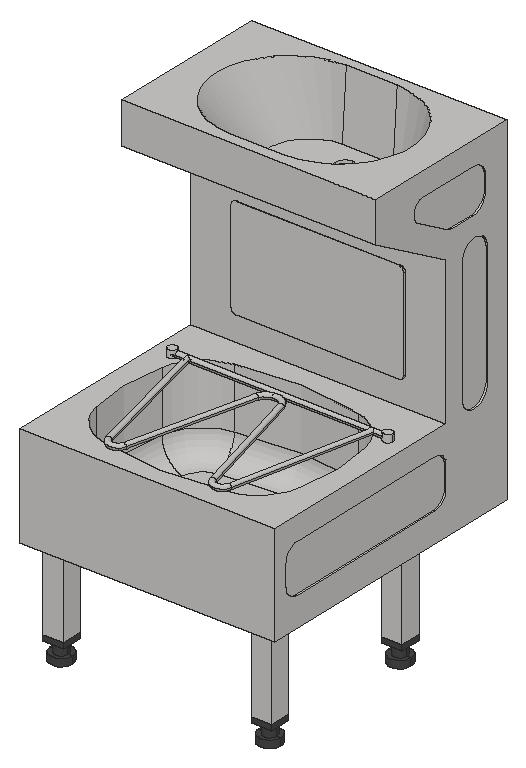
Revit family "PRD_FrankeWS_JntrlUnits_SiriusCleanerSink_SIRX832", category Plumbing Fixtures, Revit 2018
Family settings
  Round Connector Dimension = Use Diameter
  Part Type = Normal
  OmniClass Number = 23.45.05.14
  OmniClass Title = Plumbing Fixtures - Sanitary Washing Units
  Work Plane-Based = No
  Always vertical = Yes
  Cut with Voids When Loaded = No
  Shared = No
  Room Calculation Point = No
Parameters (values of type "SIRX832")
  WaterSupplyOverflowAndWasteHolesWaterSupply = 32 mm
  WaterSupplyOverflowAndWasteHolesWaste = "Center-Back"
  WaterSupplyOverflowAndWasteHolesOverflow = "No"
  WasteSize Top = 1 1/4"
  WasteSize = 1 1/2"
  WarrantyStartDate [instance] = "1900-12-31T23:59:59"
  WarrantyGuarantorParts = "n/a"
  WarrantyGuarantorLabor = "n/a"
  WarrantyDurationUnit = "year"
  WarrantyDurationParts = "n/a"
  WarrantyDurationLabor = "n/a"
  WarrantyDescription = "n/a"
  Version = "1"
  Uniclass2015Version = "Products v1.7"
  Uniclass2015Title = "Janitorial sinks"
  Uniclass2015Code = "Pr_40_20_96_44"
  URL = "www.kwc.com"
  TagNumber [instance] = "n/a"
  SustainabilityPerformance = "n/a"
  Size = "500 x 880 x 570 mm"
  SinkType = "Other"
  SinkMounting = "Pedestal"
  Shape = "n/a"
  SerialNumber [instance] = "n/a"
  Revision = "n/a"
  ReplacementCost = "n/a"
  ProductInformation = "https://pim.kwc.com/product/2000071907/attachment/datasheet?locale=en"
  Options = "n/a"
  NominalWidth = 500 mm
  NominalLength = 570 mm
  NominalHeight = 880 mm
  NominalDepth = 880 mm
  NetWeight = 18.20 kg
  Name = "SIRIUS Cleaner sink SIRX832"
  NBSTypeID = "n/a"
  NBSReference = "45-35-70/401"
  NBSOfficeMasterTag = "n/a"
  NBSNote = "n/a"
  NBSDescription = "Janitorial units"
  NBSCertification = "n/a"
  ModelReference = "SIRX832"
  ModelNumber = "2000071907"
  Model = ModelReference  # "SIRX832"
  Stainless Steel = PRD_AR_StainlessSteel_SatinFinished
  Material = "Stainless steel"
  ManufacturerURL = "www.kwc.com"
  ManufacturerName = "KWC Group AG"  # constant formula
  Manufacturer = ManufacturerName  # "KWC Group AG"
  LegsMaterial = PRD_AR_SyntheticBlack
  IntegralAccessories = "n/a"
  InstallationDate [instance] = "1900-12-31T23:59:59"
  IfcExportType = "SINK"
  IfcExportAs = "IfcSanitaryTerminalType"
  GrossWeight = 18.72 kg
  Grade = "n/a"
  Form = "Cleaner sink wash basin combination"
  FinishAndMaterial = "Stainless steel"
  Finish = "Satin finished"
  Features = "stainless steel, 1.20 mm, satin finished, wall mounting, 500x880x570 mm (WxHxD)"
  ExpectedLife = "n/a"
  DurationUnit = "year"
  DrainSize = 1 1/2"
  Description = "Cleaner sink wash basin combination, free standing or for wall mounting, stainless steel, surface satin finished, material thickness 1.2 mm, seamless welded bowl with diameter 360 x 272 x 135 mm, without overflow, 1 1/4\" flat perforated waste, inclusive tap hole top right, sink with diameter 420 x 350 x 180 mm and revolving channel, 1 1/2\" domed waste, drainage centric, inclusive stainless steel folding grid with rubber bumps, removable inspection cover, feet height adjustable."
  Constituents = "n/a"
  Color = "Stainless steel"
  CodePerformance = "n/a"
  Category = "Pr_40_20_96_44, Janitorial sinks"
  BarCode [instance] = "n/a"
  BIMObjectName = "PRD_AR_JanitorialUnits_SiriusCleanerSink_SIRX832"
  Author = "Archispace"  # constant formula
  AssetType = "Fixed"
  AssetIdentifier [instance] = "n/a"
  AccessibilityPerformance = "n/a"
Reference planes
  plane 1 "Center (Front/Back)": y = 0
  plane 2: z = 0
  plane 3 "Center (Left/Right)": x = 0
  plane 4: x = -250
  plane 5: x = 250
  plane 6: z = 880
  plane 7: z = 800
  plane 8: z = 700
  plane 9: z = 410
  plane 10: z = 210
  plane 11: y = -150
  plane 12: y = -320
  plane 13: y = -570
  plane 14: x = -205
  plane 15: x = 205
  plane 16: y = -525
  plane 17: y = -205
  plane 18: z = 35
  plane 19: z = 45
  plane 20: z = 425.991
Forms (mm)
  Extrusion 1, solid, material "PRD_AR_StainlessSteel_SatinFinished" <- "Stainless Steel", detail levels fine
    sketch origin (0, 0, 0) x (0, 1, 0) y (0, 0, 1)
      loop
        line (0, 880) -> (-320, 880) -> (-320, 800) -> (-150, 700) -> (-150, 410) -> (-570, 410) -> (-570, 210) -> (0, 210) -> (0, 880)
    from -250 to 250
  Extrusion 2, solid, material "PRD_AR_StainlessSteel_SatinFinished" <- "Stainless Steel", detail levels fine
    sketch origin (0, 0, 0) x (1, 0, 0) y (0, 1, 0)
      loop
        line (-225, -505) -> (-225, -545) -> (-185, -545) -> (-185, -505) -> (-225, -505)
      loop
        line (185, -505) -> (185, -545) -> (225, -545) -> (225, -505) -> (185, -505)
      loop
        line (-225, -185) -> (-225, -225) -> (-185, -225) -> (-185, -185) -> (-225, -185)
      loop
        line (185, -185) -> (185, -225) -> (225, -225) -> (225, -185) -> (185, -185)
    from 45 to 210
  Extrusion 3, solid, material "PRD_AR_SyntheticBlack" <- "LegsMaterial", detail levels fine
    sketch origin (0, 0, 0) x (1, 0, 0) y (0, 1, 0)
      loop
        line (-225, -505) -> (-225, -545) -> (-185, -545) -> (-185, -505) -> (-225, -505)
      loop
        line (185, -505) -> (185, -545) -> (225, -545) -> (225, -505) -> (185, -505)
      loop
        line (-225, -185) -> (-225, -225) -> (-185, -225) -> (-185, -185) -> (-225, -185)
      loop
        line (185, -185) -> (185, -225) -> (225, -225) -> (225, -185) -> (185, -185)
    from 35 to 45
  Revolve 4, solid, material "PRD_AR_SyntheticBlack" <- "LegsMaterial", detail levels fine
    sketch origin (410, -525, -72.324) x (0, 0, -1) y (-1, 0, 0)
      loop
        line (-107.324, 218) -> (-107.324, 205) -> (-72.324, 205) -> (-72.324, 227) -> (-86.324, 227) -> (-86.324, 218) -> (-107.324, 218)
      axis (-107.324, 205) -> (-72.324, 205)
    angle from 0 to 360
  Blend 5, void, detail levels medium+fine
    base sketch origin (-731.203, -1524, 700) x (-1, 0, 0) y (0, -1, 0)
      loop
        arc (-781.203, -1334) -> (-861.203, -1414) -> (-781.203, -1494) r 80
        line (-781.203, -1494) -> (-681.203, -1494)
        arc (-681.203, -1494) -> (-601.203, -1414) -> (-681.203, -1334) r 80
        line (-681.203, -1334) -> (-781.203, -1334)
    top sketch origin (-731.203, -1524, 880) x (-1, 0, 0) y (0, -1, 0)
      loop
        arc (-781.203, -1224) -> (-921.203, -1364) -> (-781.203, -1504) r 140
        line (-781.203, -1504) -> (-681.203, -1504)
        arc (-681.203, -1504) -> (-541.203, -1364) -> (-681.203, -1224) r 140
        line (-681.203, -1224) -> (-781.203, -1224)
    from 45.585 to 0
  Extrusion 6, void
    sketch origin (0, 0, 0) x (1, 0, 0) y (0, 1, 0)
      loop
        circle (-0.1, -82.3) r 20.876
    from 741.116 to 745.585
  Extrusion 7, void, detail levels medium+fine
    sketch origin (0, 0, 0) x (1, 0, 0) y (0, 1, 0)
      loop
        arc (-201.317, -283.664) -> (-209.599, -365) -> (-201.317, -446.336) r 403.497
        arc (-201.317, -446.336) -> (-173.554, -497.488) -> (-122.064, -524.618) r 100.321
        arc (-122.064, -524.618) -> (0, -536.288) -> (122.064, -524.618) r 644.181
        arc (122.064, -524.618) -> (173.554, -497.488) -> (201.317, -446.336) r 100.321
        arc (201.317, -446.336) -> (209.599, -365) -> (201.317, -283.664) r 403.497
        arc (201.317, -283.664) -> (173.554, -232.512) -> (122.064, -205.382) r 100.321
        arc (122.064, -205.382) -> (0, -193.712) -> (-122.064, -205.382) r 644.181
        arc (-122.064, -205.382) -> (-173.554, -232.512) -> (-201.317, -283.664) r 100.321
    from 240.778 to 410
  Extrusion 8, void
    sketch origin (0, 0, 0) x (1, 0, 0) y (0, 1, 0)
      loop
        circle (1.949, -417.185) r 49.176
    from 228.8 to 240.778
  Extrusion 9, void
    sketch origin (0, 0, 0) x (1, 0, 0) y (0, 1, 0)
      loop
        circle (1.949, -417.185) r 24.5
    from 210 to 228.8
  Revolve 10, solid, material "PRD_AR_SyntheticBlack" <- "LegsMaterial", detail levels fine
    sketch origin (0, -525, -72.324) x (0, 0, -1) y (-1, 0, 0)
      loop
        line (-107.324, 218) -> (-107.324, 205) -> (-72.324, 205) -> (-72.324, 227) -> (-86.324, 227) -> (-86.324, 218) -> (-107.324, 218)
      axis (-107.324, 205) -> (-72.324, 205)
    angle from 0 to 360
  Revolve 11, solid, material "PRD_AR_SyntheticBlack" <- "LegsMaterial", detail levels fine
    sketch origin (410, -205, -72.324) x (0, 0, -1) y (-1, 0, 0)
      loop
        line (-107.324, 218) -> (-107.324, 205) -> (-72.324, 205) -> (-72.324, 227) -> (-86.324, 227) -> (-86.324, 218) -> (-107.324, 218)
      axis (-107.324, 205) -> (-72.324, 205)
    angle from 0 to 360
  Revolve 12, solid, material "PRD_AR_SyntheticBlack" <- "LegsMaterial", detail levels fine
    sketch origin (0, -205, -72.324) x (0, 0, -1) y (-1, 0, 0)
      loop
        line (-107.324, 218) -> (-107.324, 205) -> (-72.324, 205) -> (-72.324, 227) -> (-86.324, 227) -> (-86.324, 218) -> (-107.324, 218)
      axis (-107.324, 205) -> (-72.324, 205)
    angle from 0 to 360
  Extrusion 13, solid, material "PRD_AR_StainlessSteel_SatinFinished" <- "Stainless Steel", detail levels fine
    sketch origin (0, 0, 0) x (1, 0, 0) y (0, 1, 0)
      loop
        circle (211.45, -243) r 9
      loop
        circle (-212.35, -243) r 9
    from 410 to 422.752
  Sweep 14, solid, material "PRD_AR_StainlessSteel_SatinFinished" <- "Stainless Steel", detail levels fine
    path origin (-731.203, -1524, 410) x (-1, 0, 0) y (0, -1, 0)
      loop
        line (-942.653, -1281) -> (-518.853, -1281)
    profile origin (-0.45, -243, 410) x (0, -1, 0) y (0, 0, 1)
      loop
        circle (0, 5.035) r 5
  Sweep 15, solid, material "PRD_AR_StainlessSteel_SatinFinished" <- "Stainless Steel", detail levels fine
    path origin (-731.203, -1524, 410) x (-1, 0, 0) y (0, -1, 0)
      loop
        line (-912.782, -1280.744) -> (-849.485, -1006.578)
        arc (-849.485, -1006.578) -> (-834.088, -994.179) -> (-818.396, -1006.205) r 16
        line (-818.396, -1006.205) -> (-755.42, -1251.928)
        arc (-755.42, -1251.928) -> (-731.203, -1270.721) -> (-706.986, -1251.928) r 25
        line (-706.986, -1251.928) -> (-644.009, -1006.205)
        arc (-644.009, -1006.205) -> (-628.318, -994.179) -> (-612.92, -1006.578) r 16
        line (-612.92, -1006.578) -> (-549.624, -1280.744)
    profile origin (-55.705, -394.934, 410) x (0.968692, -0.248266, 0) y (0, 0, 1)
      loop
        circle (0, 5.035) r 5
  Extrusion 16, void
    sketch origin (0, 0, 0) x (0, 1, 0) y (0, 0, 1)
      loop
        line (-216.9, 791.561) -> (-147.823, 750.927)
        arc (-147.823, 750.927) -> (-140.494, 747.84) -> (-132.612, 746.785) r 30
        line (-132.612, 746.785) -> (-79.606, 746.785)
        arc (-79.606, 746.785) -> (-58.393, 755.572) -> (-49.606, 776.785) r 30
        line (-49.606, 776.785) -> (-49.606, 804.385)
        arc (-49.606, 804.385) -> (-58.393, 825.599) -> (-79.606, 834.385) r 30
        line (-79.606, 834.385) -> (-205.238, 834.385)
        arc (-205.238, 834.385) -> (-227.43, 817.429) -> (-216.9, 791.561) r 23
      loop
        line (-177.66, 365) -> (-513.86, 365)
        arc (-513.86, 365) -> (-535.073, 356.213) -> (-543.86, 335) r 30
        line (-543.86, 335) -> (-543.86, 297.585)
        arc (-543.86, 297.585) -> (-535.073, 276.372) -> (-513.86, 267.585) r 30
        line (-513.86, 267.585) -> (-172.66, 267.585)
        arc (-172.66, 267.585) -> (-154.982, 274.908) -> (-147.66, 292.585) r 25
        line (-147.66, 292.585) -> (-147.66, 335)
        arc (-147.66, 335) -> (-156.447, 356.213) -> (-177.66, 365) r 30
      loop
        line (-110.2, 675.585) -> (-110.2, 437.545)
        arc (-110.2, 437.545) -> (-77.7, 405.045) -> (-45.2, 437.545) r 32.5
        line (-45.2, 437.545) -> (-45.2, 675.585)
        arc (-45.2, 675.585) -> (-77.7, 708.085) -> (-110.2, 675.585) r 32.5
    from 245 to 250
  Extrusion 17, void
    sketch origin (0, 0, 0) x (0, 1, 0) y (0, 0, -1)
      loop
        arc (-216.9, -791.561) -> (-227.43, -817.429) -> (-205.238, -834.385) r 23
        line (-205.238, -834.385) -> (-79.606, -834.385)
        arc (-79.606, -834.385) -> (-58.393, -825.599) -> (-49.606, -804.385) r 30
        line (-49.606, -804.385) -> (-49.606, -776.785)
        arc (-49.606, -776.785) -> (-58.393, -755.572) -> (-79.606, -746.785) r 30
        line (-79.606, -746.785) -> (-132.612, -746.785)
        arc (-132.612, -746.785) -> (-140.494, -747.84) -> (-147.823, -750.927) r 30
        line (-147.823, -750.927) -> (-216.9, -791.561)
      loop
        arc (-177.66, -365) -> (-156.447, -356.213) -> (-147.66, -335) r 30
        line (-147.66, -335) -> (-147.66, -292.585)
        arc (-147.66, -292.585) -> (-154.982, -274.908) -> (-172.66, -267.585) r 25
        line (-172.66, -267.585) -> (-513.86, -267.585)
        arc (-513.86, -267.585) -> (-535.073, -276.372) -> (-543.86, -297.585) r 30
        line (-543.86, -297.585) -> (-543.86, -335)
        arc (-543.86, -335) -> (-535.073, -356.213) -> (-513.86, -365) r 30
        line (-513.86, -365) -> (-177.66, -365)
      loop
        arc (-110.2, -675.585) -> (-77.7, -708.085) -> (-45.2, -675.585) r 32.5
        line (-45.2, -675.585) -> (-45.2, -437.545)
        arc (-45.2, -437.545) -> (-77.7, -405.045) -> (-110.2, -437.545) r 32.5
        line (-110.2, -437.545) -> (-110.2, -675.585)
    from 245 to 250
  Extrusion 18, solid, material "PRD_AR_StainlessSteel_SatinFinished" <- "Stainless Steel", detail levels fine
    sketch origin (0, -525, -72.324) x (0, 0, -1) y (-1, 0, 0)
      loop
        arc (-721.724, 169.5) -> (-728.796, 166.571) -> (-731.724, 159.5) r 10
        line (-731.724, 159.5) -> (-731.724, -160.5)
        arc (-731.724, -160.5) -> (-728.796, -167.571) -> (-721.724, -170.5) r 10
        line (-721.724, -170.5) -> (-541.724, -170.5)
        arc (-541.724, -170.5) -> (-534.653, -167.571) -> (-531.724, -160.5) r 10
        line (-531.724, -160.5) -> (-531.724, 159.5)
        arc (-531.724, 159.5) -> (-534.653, 166.571) -> (-541.724, 169.5) r 10
        line (-541.724, 169.5) -> (-721.724, 169.5)
    from 373 to 375
  Sweep 19, solid, material "PRD_AR_StainlessSteel_SatinFinished" <- "Stainless Steel", detail levels fine
    path origin (0, 0, 0) x (1, 0, 0) y (0, 1, 0)
      loop
        arc (122.064, -205.382) -> (0, -193.712) -> (-122.064, -205.382) r 644.181
        arc (-122.064, -205.382) -> (-173.554, -232.512) -> (-201.317, -283.664) r 100.321
        arc (-201.317, -283.664) -> (-209.599, -365) -> (-201.317, -446.336) r 403.497
        arc (-201.317, -446.336) -> (-173.554, -497.488) -> (-122.064, -524.618) r 100.321
        arc (-122.064, -524.618) -> (0, -536.288) -> (122.064, -524.618) r 644.181
        arc (122.064, -524.618) -> (173.554, -497.488) -> (201.317, -446.336) r 100.321
        arc (201.317, -446.336) -> (209.599, -365) -> (201.317, -283.664) r 403.497
        arc (201.317, -283.664) -> (173.554, -232.512) -> (122.064, -205.382) r 100.321
    profile origin (0, -193.712, 0) x (0, -1, 0) y (0, 0, 1)
      loop
        line (0, 240.778) -> (50, 240.778)
        arc (50, 240.778) -> (14.645, 255.422) -> (0, 290.778) r 50
        line (0, 290.778) -> (0, 240.778)
  Extrusion 20, solid, material "PRD_AR_StainlessSteel_SatinFinished" <- "Stainless Steel", detail levels coarse+medium
    sketch origin (0, 0, 0) x (1, 0, 0) y (0, 1, 0)
      loop
        line (-225, -185) -> (-225, -225) -> (-185, -225) -> (-185, -185) -> (-225, -185)
      loop
        line (185, -185) -> (185, -225) -> (225, -225) -> (225, -185) -> (185, -185)
      loop
        line (-225, -505) -> (-225, -545) -> (-185, -545) -> (-185, -505) -> (-225, -505)
      loop
        line (185, -505) -> (185, -545) -> (225, -545) -> (225, -505) -> (185, -505)
    from 0 to 210
  Extrusion 21, solid, material "PRD_AR_StainlessSteel_SatinFinished" <- "Stainless Steel", detail levels coarse
    sketch origin (0, 0, 0) x (0, 1, 0) y (0, 0, 1)
      loop
        line (0, 880) -> (-320, 880) -> (-320, 700) -> (-150, 700) -> (-150, 410) -> (-570, 410) -> (-570, 210) -> (0, 210) -> (0, 880)
    from -250 to 250
  Extrusion 22, solid, material "PRD_AR_StainlessSteel_SatinFinished" <- "Stainless Steel", detail levels medium
    sketch origin (0, 0, 0) x (0, 1, 0) y (0, 0, 1)
      loop
        line (0, 880) -> (-320, 880) -> (-320, 800) -> (-150, 700) -> (-150, 410) -> (-570, 410) -> (-570, 210) -> (0, 210) -> (0, 880)
    from -250 to 250
Cuts and joins
  Blend 5, Extrusion 6, Extrusion 7, Extrusion 8, Extrusion 9, Extrusion 16, Extrusion 17 cuts Extrusion 1
  joined: Extrusion 1, Sweep 19
  joined: Extrusion 3, Revolve 4, Revolve 10, Revolve 11, Revolve 12
  Blend 5, Extrusion 7 cuts Extrusion 22
Lines and regions (mm)
  model lines
    curve 1: circle (191, -260, 880) r 17.5 normal (0, 0, 1)
Dimensions and locks
  equal spacing: plane 5, plane 3 "Center (Left/Right)", plane 4
  plane 5 to plane 4 = 500 mm
  plane 6 to level = 880 mm
  plane 6 to plane 9 = 470 mm
  plane 9 to plane 10 = 200 mm
  plane 6 to plane 7 = 80 mm
  plane 7 to plane 8 = 100 mm
  plane 11 to plane 1 "Center (Front/Back)" = 150 mm
  plane 12 to plane 1 "Center (Front/Back)" = 320 mm
  plane 13 to plane 1 "Center (Front/Back)" = 570 mm
  plane 1 "Center (Front/Back)" to plane 13 = 570 mm
  plane 4 to plane 5 = 500 mm
  equal spacing: plane 15, plane 3 "Center (Left/Right)", plane 14
  plane 15 to plane 14 = 410 mm
  plane 16 to plane 13 = 45 mm
  plane 17 to plane 16 = 320 mm
  plane 18 to level = 35 mm
  plane 19 to plane 18 = 10 mm
  aligned and locked: level to plane 2
Automatic sketch dimensions
  Extrusion 1 sketch curve to plane 10 = 0 mm
  Extrusion 1 sketch curve to plane 13 = 0 mm
  Extrusion 1 sketch curve to plane 6 = 0 mm
  Extrusion 1 sketch curve to plane 12 = 0 mm
  Extrusion 1 sketch curve to plane 8 = 0 mm
  Extrusion 1 sketch curve to plane 11 = 0 mm
  Extrusion 1 sketch curve to plane 1 "Center (Front/Back)" = 0 mm
  Extrusion 1 sketch curve to plane 9 = 0 mm
  Extrusion 1 sketch curve to plane 7 = 0 mm
  Extrusion 2 sketch curve to plane 14 = 20 mm  (x2)
  plane 14 to Extrusion 2 sketch curve = 20 mm  (x2)
  Extrusion 2 sketch curve to plane 15 = 20 mm  (x2)
  plane 15 to Extrusion 2 sketch curve = 20 mm  (x2)
  Extrusion 2 sketch curve to plane 16 = 20 mm  (x2)
  plane 16 to Extrusion 2 sketch curve = 20 mm  (x2)
  plane 17 to Extrusion 2 sketch curve = 20 mm  (x2)
  Extrusion 2 sketch curve to plane 17 = 20 mm  (x2)
  Extrusion 3 sketch curve to plane 14 = 20 mm  (x2)
  plane 14 to Extrusion 3 sketch curve = 20 mm  (x2)
  Extrusion 3 sketch curve to plane 15 = 20 mm  (x2)
  plane 15 to Extrusion 3 sketch curve = 20 mm  (x2)
  Extrusion 3 sketch curve to plane 16 = 20 mm  (x2)
  plane 16 to Extrusion 3 sketch curve = 20 mm  (x2)
  plane 17 to Extrusion 3 sketch curve = 20 mm  (x2)
  Extrusion 3 sketch curve to plane 17 = 20 mm  (x2)
  Revolve 4 sketch curve to plane 18 = 0 mm  (x2)
  Revolve 4 sketch curve to plane 15 = 0 mm  (x2)
  Revolve 4 sketch curve to level = 0 mm  (x2)
  level to Revolve 4 sketch curve = 14 mm
  Revolve 4 sketch curve to Revolve 4 sketch curve = 13 mm
  Revolve 4 sketch curve to Revolve 4 sketch curve = 9 mm
  plane 3 "Center (Left/Right)" to Blend 5 sketch curve = 50 mm  (x2)
  Blend 5 sketch curve to plane 17 = 15 mm
  Blend 5 sketch curve to plane 3 "Center (Left/Right)" = 50 mm  (x2)
  plane 11 to Blend 5 sketch curve = 40 mm
  Blend 5 sketch curve to plane 11 = 10 mm
  plane 12 to Blend 5 sketch curve = 20 mm
  Extrusion 6 sketch curve to plane 3 "Center (Left/Right)" = 0.1 mm
  plane 11 to Extrusion 6 sketch curve = 67.7 mm
  plane 3 "Center (Left/Right)" to Extrusion 8 sketch curve = 1.949 mm
  Extrusion 8 sketch curve to plane 12 = 97.185 mm
  plane 3 "Center (Left/Right)" to Extrusion 9 sketch curve = 1.949 mm
  Extrusion 9 sketch curve to plane 12 = 97.185 mm
  Revolve 10 sketch curve to plane 18 = 0 mm  (x2)
  Revolve 10 sketch curve to plane 14 = 0 mm  (x2)
  Revolve 10 sketch curve to level = 0 mm  (x2)
  level to Revolve 10 sketch curve = 14 mm
  Revolve 10 sketch curve to Revolve 10 sketch curve = 13 mm
  Revolve 10 sketch curve to Revolve 10 sketch curve = 9 mm
  Revolve 11 sketch curve to plane 18 = 0 mm  (x2)
  Revolve 11 sketch curve to plane 15 = 0 mm  (x2)
  Revolve 11 sketch curve to level = 0 mm  (x2)
  level to Revolve 11 sketch curve = 14 mm
  Revolve 11 sketch curve to plane 15 = 13 mm
  Revolve 11 sketch curve to Revolve 11 sketch curve = 9 mm
  Revolve 12 sketch curve to plane 18 = 0 mm  (x2)
  Revolve 12 sketch curve to plane 14 = 0 mm  (x2)
  Revolve 12 sketch curve to level = 0 mm  (x2)
  level to Revolve 12 sketch curve = 14 mm
  Revolve 12 sketch curve to plane 14 = 13 mm
  Revolve 12 sketch curve to Revolve 12 sketch curve = 9 mm
  Extrusion 13 sketch curve to plane 14 = 7.35 mm
  plane 15 to Extrusion 13 sketch curve = 6.45 mm
  plane 17 to Extrusion 13 sketch curve = 38 mm  (x2)
  plane 15 to Sweep 14 sketch curve = 6.45 mm
  Sweep 14 sketch curve to plane 14 = 7.35 mm
  plane 17 to Sweep 14 sketch curve = 38 mm
  Sweep 14 sketch curve to profile plane = 0 mm
  plane 9 to Sweep 14 sketch curve = 5.035 mm
  Sweep 15 sketch curve to plane 3 "Center (Left/Right)" = 0 mm
  plane 3 "Center (Left/Right)" to Sweep 15 sketch curve = 24.217 mm
  plane 16 to Sweep 15 sketch curve = 7.205 mm  (x2)
  plane 3 "Center (Left/Right)" to Sweep 15 sketch curve = 87.194 mm
  Sweep 15 sketch curve to Sweep 15 sketch curve = 15.499 mm  (x2)
  plane 16 to Sweep 15 sketch curve = 7.578 mm  (x2)
  Sweep 15 sketch curve to Sweep 15 sketch curve = 15.59 mm  (x2)
  Sweep 15 sketch curve to plane 3 "Center (Left/Right)" = 24.217 mm
  Sweep 15 sketch curve to plane 3 "Center (Left/Right)" = 87.194 mm
  plane 12 to Sweep 15 sketch curve = 41.721 mm
  Sweep 15 sketch curve to Sweep 15 sketch curve = 6.207 mm
  Sweep 15 sketch curve to plane 15 = 23.421 mm
  plane 14 to Sweep 15 sketch curve = 23.421 mm
  plane 17 to Sweep 15 sketch curve = 38.256 mm  (x2)
  Sweep 15 sketch curve to profile plane = 0 mm
  plane 9 to Sweep 15 sketch curve = 5.035 mm
  Extrusion 16 sketch curve to plane 16 = 18.86 mm
  plane 16 to Extrusion 16 sketch curve = 11.14 mm  (x2)
  plane 17 to Extrusion 16 sketch curve = 11.9 mm
  plane 17 to Extrusion 16 sketch curve = 0.238 mm
  Extrusion 16 sketch curve to plane 17 = 27.34 mm
  Extrusion 16 sketch curve to plane 11 = 22.66 mm
  plane 11 to Extrusion 16 sketch curve = 2.177 mm
  plane 11 to Extrusion 16 sketch curve = 2.34 mm
  Extrusion 16 sketch curve to Extrusion 16 sketch curve = 15.211 mm
  plane 11 to Extrusion 16 sketch curve = 39.8 mm
  plane 11 to Extrusion 16 sketch curve = 70.394 mm
  Extrusion 16 sketch curve to Extrusion 16 sketch curve = 0 mm
  Extrusion 16 sketch curve to Extrusion 16 sketch curve = 32.5 mm
  Extrusion 16 sketch curve to plane 7 = 23.215 mm
  Extrusion 16 sketch curve to Extrusion 16 sketch curve = 30 mm
  Extrusion 16 sketch curve to plane 8 = 24.415 mm
  Extrusion 16 sketch curve to plane 20 = 11.554 mm
  Extrusion 16 sketch curve to plane 9 = 45 mm
  Extrusion 16 sketch curve to Extrusion 16 sketch curve = 37.415 mm
  Extrusion 16 sketch curve to Extrusion 16 sketch curve = 4.142 mm
  Extrusion 16 sketch curve to plane 7 = 8.439 mm
  plane 7 to Extrusion 16 sketch curve = 4.385 mm
  Extrusion 17 sketch curve to plane 16 = 18.86 mm
  plane 16 to Extrusion 17 sketch curve = 11.14 mm  (x2)
  plane 17 to Extrusion 17 sketch curve = 11.9 mm
  plane 17 to Extrusion 17 sketch curve = 0.238 mm
  Extrusion 17 sketch curve to plane 17 = 27.34 mm
  Extrusion 17 sketch curve to plane 11 = 22.66 mm
  plane 11 to Extrusion 17 sketch curve = 2.177 mm
  plane 11 to Extrusion 17 sketch curve = 2.34 mm
  Extrusion 17 sketch curve to Extrusion 17 sketch curve = 15.211 mm
  plane 11 to Extrusion 17 sketch curve = 39.8 mm
  plane 11 to Extrusion 17 sketch curve = 70.394 mm
  Extrusion 17 sketch curve to Extrusion 17 sketch curve = 0 mm
  Extrusion 17 sketch curve to Extrusion 17 sketch curve = 32.5 mm
  Extrusion 17 sketch curve to plane 7 = 23.215 mm  (x2)
  Extrusion 17 sketch curve to Extrusion 17 sketch curve = 30 mm
  Extrusion 17 sketch curve to plane 7 = 8.439 mm
  plane 7 to Extrusion 17 sketch curve = 4.385 mm
  Extrusion 17 sketch curve to plane 8 = 24.415 mm
  Extrusion 17 sketch curve to plane 20 = 11.554 mm
  Extrusion 17 sketch curve to plane 9 = 45 mm
  Extrusion 17 sketch curve to Extrusion 17 sketch curve = 37.415 mm
  Extrusion 18 sketch curve to plane 8 = 40.599 mm
  Extrusion 18 sketch curve to Extrusion 18 sketch curve = 10 mm  (x3)
  Extrusion 18 sketch curve to plane 20 = 43.41 mm  (x2)
  Extrusion 18 sketch curve to plane 15 = 34.5 mm
  plane 14 to Extrusion 18 sketch curve = 45.5 mm
  plane 14 to Extrusion 7 sketch curve = 11.102 mm
  plane 16 to Extrusion 7 sketch curve = 98.886 mm  (x2)
  Extrusion 7 sketch curve to plane 3 "Center (Left/Right)" = 103.054 mm  (x2)
  Extrusion 7 sketch curve to plane 3 "Center (Left/Right)" = 0 mm  (x2)
  plane 12 to Extrusion 7 sketch curve = 16.114 mm  (x2)
  plane 3 "Center (Left/Right)" to Extrusion 7 sketch curve = 103.054 mm  (x2)
  Extrusion 7 sketch curve to plane 15 = 11.102 mm
  Extrusion 7 sketch curve to plane 13 = 267.892 mm
  plane 16 to Extrusion 7 sketch curve = 160 mm  (x2)
  Extrusion 7 sketch curve to plane 1 "Center (Front/Back)" = 107.892 mm
  plane 14 to Extrusion 7 sketch curve = 3.683 mm  (x2)
  Extrusion 7 sketch curve to Extrusion 7 sketch curve = 0 mm  (x6)
  Sweep 19 sketch curve to plane 3 "Center (Left/Right)" = 0 mm  (x2)
  plane 12 to Sweep 19 sketch curve = 16.114 mm  (x2)
  plane 14 to Sweep 19 sketch curve = 101.946 mm
  plane 14 to Sweep 19 sketch curve = 11.102 mm
  Sweep 19 sketch curve to plane 15 = 101.946 mm
  Sweep 19 sketch curve to plane 15 = 11.102 mm
  Sweep 19 sketch curve to plane 12 = 45 mm  (x2)
  plane 16 to Sweep 19 sketch curve = 98.886 mm
  Sweep 19 sketch curve to plane 12 = 106.114 mm
  plane 16 to Sweep 19 sketch curve = 0.382 mm
  plane 17 to Sweep 19 sketch curve = 0.382 mm  (x2)
  plane 14 to Sweep 19 sketch curve = 82.936 mm
  Sweep 19 sketch curve to Sweep 19 sketch curve = 0 mm  (x8)
  plane 14 to Sweep 19 sketch curve = 3.683 mm
  Sweep 19 sketch curve to profile plane = 0 mm  (x2)
  Sweep 19 sketch curve to Sweep 19 sketch curve = 50 mm
  level to Sweep 19 sketch curve = 240.778 mm
  Extrusion 20 sketch curve to plane 14 = 20 mm  (x2)
  plane 14 to Extrusion 20 sketch curve = 20 mm  (x2)
  Extrusion 20 sketch curve to plane 15 = 20 mm  (x2)
  plane 15 to Extrusion 20 sketch curve = 20 mm  (x2)
  Extrusion 20 sketch curve to plane 16 = 20 mm  (x2)
  plane 16 to Extrusion 20 sketch curve = 20 mm  (x2)
  plane 17 to Extrusion 20 sketch curve = 20 mm  (x2)
  Extrusion 20 sketch curve to plane 17 = 20 mm  (x2)
  Extrusion 21 sketch curve to plane 10 = 0 mm
  Extrusion 21 sketch curve to plane 13 = 0 mm
  Extrusion 21 sketch curve to plane 6 = 0 mm
  Extrusion 21 sketch curve to plane 12 = 0 mm
  Extrusion 21 sketch curve to plane 8 = 0 mm
  Extrusion 21 sketch curve to plane 11 = 0 mm
  Extrusion 21 sketch curve to plane 1 "Center (Front/Back)" = 0 mm
  Extrusion 21 sketch curve to plane 9 = 0 mm
  plane 19 to Extrusion 22 sketch curve = 165 mm
  Extrusion 22 sketch curve to plane 13 = 0 mm
  plane 8 to Extrusion 22 sketch curve = 180 mm
  plane 13 to Extrusion 22 sketch curve = 250 mm
  plane 13 to Extrusion 22 sketch curve = 420 mm
  plane 16 to Extrusion 22 sketch curve = 525 mm
  plane 10 to Extrusion 22 sketch curve = 200 mm
  Extrusion 22 sketch curve to plane 20 = 274.009 mm
  plane 8 to Extrusion 22 sketch curve = 100 mm
  curve 1 to plane 15 = 14 mm
  plane 12 to curve 1 = 60 mm
  radius of Extrusion 6 sketch curve = 20.876 mm
  radius of Extrusion 8 sketch curve = 49.176 mm
  radius of Extrusion 9 sketch curve = 24.5 mm
  radius of Extrusion 13 sketch curve = 9 mm  (x2)
  radius of Sweep 14 sketch curve = 5 mm
  radius of Sweep 15 sketch curve = 5 mm
  radius of curve 1 = 17.5 mm
Connectors
  piping at (1.949, -417.185, 210), diameter 38.1, driven by "WasteSize"
    settings: on cut or joined group 1 (Extrusion 1, Blend 5, Extrusion 6, Extrusion 7, Extrusion 8, Extrusion 9, Extrusion 16, Extrusion 17, Sweep 19), index 1, connector inside diameter 24", connector length 0 mm, flow factor 0, pipe flow 0.0 L/s, pressure drop 0.0 Pa, fitting loss kfactor 0, connector angle 0.00°, fixture units 0, engagement length 0 mm, angle of deflection 0.00°, flow configuration 2, flow direction 2, fitting loss method 0, system type 16, joint type 0, gender type 0, connector reference index -1, connector utility 0, adjustable connector no, is connector primary yes, connector description ""
  piping at (-0.1, -82.3, 741.116), diameter 31.75, driven by "WasteSize Top"
    settings: on cut or joined group 1, index 2, connector inside diameter 24", connector length 0 mm, flow factor 0, pipe flow 0.0 L/s, pressure drop 0.0 Pa, fitting loss kfactor 0, connector angle 0.00°, fixture units 0, engagement length 0 mm, angle of deflection 0.00°, flow configuration 2, flow direction 2, fitting loss method 0, system type 16, joint type 0, gender type 0, connector reference index -1, connector utility 0, adjustable connector no, is connector primary no, connector description ""
